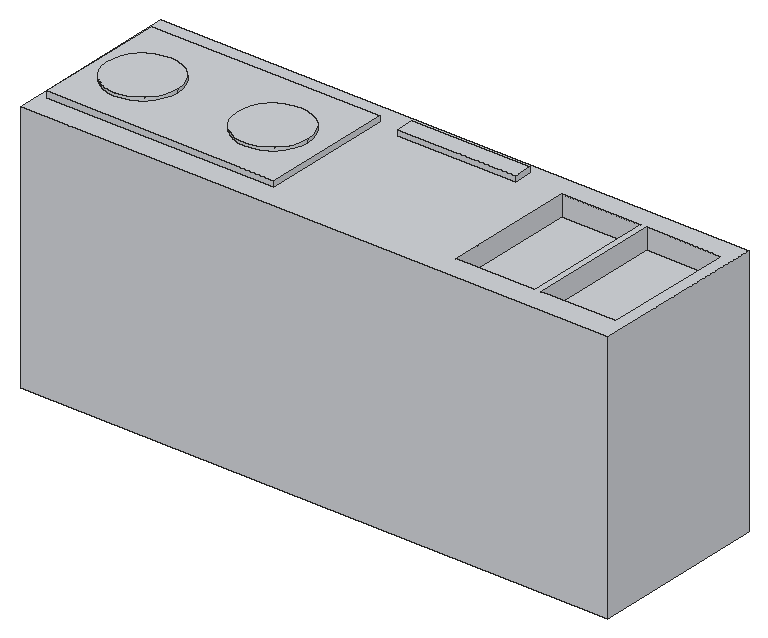
Revit family "CookingCounter", category 家具, Revit 2025
Family settings
  OmniClass 编号 = 23.40.20.00
  OmniClass 标题 = General Furniture and Specialties
  基于工作平面 = 否
  视图中启用分割 = 否
  总是垂直 = 是
  载入时剪切的空心 = 否
  渲染外观源 = 族几何图形
  共享 = 否
  房间计算点 = 否
Parameters
  默认高程 = 0 mm
Reference planes
  plane 1 "中心(前/后)": y = 0
  plane 2: z = 0
  plane 3 "中心(左/右)": x = 0
  plane 4: y = 300
  plane 5: y = -300
  plane 6: x = 1000
  plane 7: x = -1000
  plane 8: y = 230
  plane 9: y = -220
  plane 10: x = -975
  plane 11: x = 965
  plane 12: x = -200
  plane 13: x = 400
  plane 14: x = 420
  plane 15: x = 945
  plane 16: x = 700
  plane 17: x = 690
  plane 18: x = 710
Forms (mm)
  Extrusion 1, solid
    sketch origin (0, 0, 0) x (1, 0, 0) y (0, 1, 0)
      loop
        line (-1000, 300) -> (-1000, -300) -> (1000, -300) -> (1000, 300) -> (-1000, 300)
    from 0 to 860
  Extrusion 2, solid
    sketch origin (0, 0, 0) x (1, 0, 0) y (0, 1, 0)
      loop
        line (-975, 230) -> (-975, -220) -> (-200, -220) -> (-200, 230) -> (-975, 230)
    from 860 to 880
  Extrusion 3, solid
    sketch origin (24.376, -6.5, 0) x (1, 0, 0) y (0, 1, 0)
      loop
        circle (-843.114, 0) r 120
    from 880 to 890
  Extrusion 4, solid
    sketch origin (464.256, -1.878, 0) x (1, 0, 0) y (0, 1, 0)
      loop
        circle (-843.114, 0) r 120
    from 880 to 890
  Extrusion 5, void
    sketch origin (0, 0, 0) x (1, 0, 0) y (0, 1, 0)
      loop
        line (420, 230) -> (420, -220) -> (690, -220) -> (690, 230) -> (420, 230)
    from 968.517 to 790
  Extrusion 6, void
    sketch origin (0, 0, 0) x (1, 0, 0) y (0, 1, 0)
      loop
        line (710, 230) -> (710, -220) -> (965, -220) -> (965, 230) -> (710, 230)
    from 968.517 to 790
  Extrusion 7, solid
    sketch origin (0, 0, 0) x (1, 0, 0) y (0, 1, 0)
      loop
        line (-115.642, 263.023) -> (-115.642, 203.023) -> (284.358, 203.023) -> (284.358, 263.023) -> (-115.642, 263.023)
    from 860 to 880
Cuts and joins
  Extrusion 5, Extrusion 6 cuts Extrusion 1
Dimensions and locks
  aligned and locked: level to plane 2
